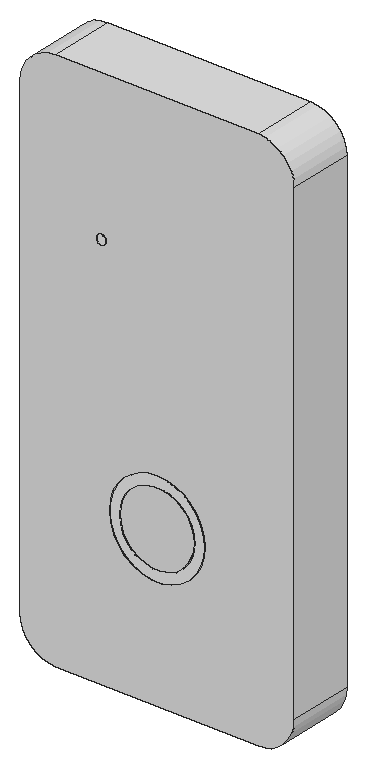
Revit family "Считыватель AGRG AXI 3_тип модель", category Охранная сигнализация, Revit 2019
Family settings
  Сохранять ориентацию аннотаций = Нет
  Размер круглого соединителя = Использовать диаметр
  Тип детали = Нормальный
  На основе рабочей плоскости = Нет
  Всегда вертикально = Да
  При загрузке вырезать с полостями = Нет
  Общий = Нет
  Точка расчета площади = Нет
Parameters (values of type "Считыватель AGRG AXI 3 «Арктический белый»")
  Стоимость = 14250
  Нанесение на считыватель узора, текстуры или логотипа заказчика [instance] = no
  Нанесение на считыватель узора из галереи сайта AGRG [instance] = no
  Материал = Пластмасса, непрозрачная, белая
  УГО_Наличие [instance] = no
  Отступ по X [instance] = УГО_Отступ по X * 10 + 4000 mm  # 4010 mm
  УГО_Отступ по X [instance] = 1 mm
  Отступ по Y [instance] = УГО_Отступ по Y * 10 + 4000 mm  # 4300 mm
  УГО_Отступ по Y [instance] = 30 mm
  Описание = "ITV"  # constant formula
  Корпус из массива дерева (из галереи AGRG) [instance] = no
  Изображение типоразмера = RC.png
  Выбор цвета корпуса (акрил) из галереи AGRG [instance] = no
  Вертикально [instance] = yes
  URL = "https://skud.agrg.ru/readers/axi-3"
  LT = "InformationFamily"  # constant formula
  ITV_SUB_УГО на структурной схеме = "УГО_Считыватель"  # constant formula
  ADSK_Ток тревожного режима [instance] = 0.05 A
  ADSK_Ток дежурного режима [instance] = 0.05 A
  ADSK_Принадлежность к разделу [instance] = ""
  ADSK_Примечание [instance] = ""
  ADSK_Полная мощность [instance] = ADSK_Номинальная мощность / ADSK_Коэффициент мощности  # 0 VA
  ADSK_Позиция [instance] = ""
  ADSK_Обозначение = "RC"  # constant formula
  ADSK_Номинальная мощность [instance] = 0 W
  ADSK_Номер устройства [instance] = ""
  ADSK_Номер точки доступа [instance] = ""
  ADSK_Номер контроллера [instance] = ""
  ADSK_Нижний порог напряжения = 9 V
  ADSK_Напряжение [instance] = 12 V  # constant formula
  ADSK_Наименование краткое = "Считыватель бесконтактных карт"
  ADSK_Наименование = "Считыватель для СКУД AGRG AXI 3. Совместим с БОЛИД. \"Арктический белый\""
  ADSK_Масса = 0.06  # constant formula
  ADSK_Марка = "AGRG AXI"  # constant formula
  ADSK_Коэффициент мощности [instance] = 1
  ADSK_Количество фаз [instance] = 1
  ADSK_Количество = 1  # constant formula
  ADSK_Код изделия = "AXI3AW"
  ADSK_Классификация нагрузок [instance] = Прочее
  ADSK_Имя источника питания [instance] = ""
  ADSK_Завод-изготовитель = "ООО «Агрегатор»"  # constant formula
  ADSK_Единица измерения = "шт."  # constant formula
  ADSK_Группирование = "1. Оборудование"  # constant formula
  ADSK_Верхний порог напряжения = 15 V
  ADSK_Версия семейства = ""
Types (3, lengths in mm): name | Материал | ADSK_Наименование | ADSK_Код изделия
  Считыватель AGRG AXI 3 «Арктический белый» | Пластмасса, непрозрачная, белая | "Считыватель для СКУД AGRG AXI 3. Совместим с БОЛИД. \"Арктический белый\"" | "AXI3AW"
  Считыватель AGRG AXI 3 «Люксовый Мандарин» | Пластмасса, непрозрачная, оранжевая | "Считыватель для СКУД AGRG AXI 3. Совместим с БОЛИД. \"Люксовый мандарин\"" | "AXI3LM"
  Считыватель AGRG AXI 3 «Имперский черный» | Пластмасса, непрозрачная, черная | "Считыватель для СКУД AGRG AXI 3. Совместим с БОЛИД. \"Имперский черный\"" | "AXI3IBL"
Reference planes
  plane 1 "По центру (Вперед/Назад)": y = 0
  plane 2: z = 0
  plane 3 "По центру (Влево/Вправо)": x = 0
  plane 4: x = -4000
  plane 5: y = 4000
Forms (mm)
  Extrusion 1, solid, not visible
    sketch origin (0, -88.457, 0) x (1, 0, 0) y (0, 1, 0)
      loop
        line (42.426, 79.151) -> (42.426, 97.763) -> (-42.426, 97.763) -> (-42.426, 79.151) -> (42.426, 79.151)
    from 0 to -50
Lines and regions (mm)
  reference lines
    curve 1: line (10, -297, 0) -> (10, -303, 0)
    curve 2: line (8, -300, 0) -> (12, -300, 0)
Dimensions and locks
  "Отступ по X": plane 4 to curve 1
  "Отступ по Y": curve 2 to plane 5
  aligned and locked: level to plane 2
  aligned and locked: curve 1 to nested 1
  aligned and locked: nested 1 to curve 1  (x2)
  aligned and locked: nested 1 to curve 2  (x3)
Automatic sketch dimensions
  plane 1 "По центру (Вперед/Назад)" to Extrusion 1 sketch curve = 9.306 mm
  Extrusion 1 sketch curve to plane 3 "По центру (Влево/Вправо)" = 42.426 mm
  Extrusion 1 sketch curve to plane 1 "По центру (Вперед/Назад)" = 9.306 mm
  plane 3 "По центру (Влево/Вправо)" to Extrusion 1 sketch curve = 42.426 mm
  curve 2 to curve 1 = 2 mm
  curve 1 to curve 2 = 2 mm
  curve 1 to curve 2 = 3 mm
  curve 2 to curve 1 = 3 mm
Nested families
  nested 1: "УГО_Считыватель_для модели_типовая аннотация" at (10, -300, 0), visible <- "УГО_Наличие", type "УГО_Считыватель_для модели_типовая аннотация", detail levels coarse+medium
    with Считыватель с клавиатурой no, Считыватель климатический no
  nested 2: "AGRG AXI 3_на грани" at (0, 0, -46) x (1, 0, 0) z (0, -1, 0), Материал <- "Материал", type "AGRG AXI 3_на грани", detail levels fine
    with Материал Пластмасса, непрозрачная, белая
  nested 3: "AGRG AXI 3_на грани" at (0, 46, 0), Материал <- "Материал", type "AGRG AXI 3_на грани", not visible, detail levels fine
    with Материал Пластмасса, непрозрачная, белая
  nested 4: "AXI CUSTOM_тип модель" at (-2, -1, -6), visible <- "Корпус из массива дерева (из галереи AGRG)", ADSK_Группирование <- "ADSK_Группирование", ADSK_Принадлежность к разделу <- "ADSK_Принадлежность к разделу", type "Корпус из массива дерева (из галереи AGRG)"
    with ADSK_Принадлежность к разделу "", ADSK_Группирование "1. Оборудование"
  nested 5: "AXI CUSTOM_тип модель" at (-6.012, -1, -6), visible <- "Выбор цвета корпуса (акрил) из галереи AGRG", ADSK_Группирование <- "ADSK_Группирование", ADSK_Принадлежность к разделу <- "ADSK_Принадлежность к разделу", type "Выбор цвета корпуса (акрил) из галереи AGRG"
    with ADSK_Принадлежность к разделу "", ADSK_Группирование "1. Оборудование"
  nested 6: "AXI CUSTOM_тип модель" at (2, -1, -6) x (-1, 0, 0) z (0, 0, 1), visible <- "Нанесение на считыватель узора из галереи сайта AGRG", ADSK_Группирование <- "ADSK_Группирование", ADSK_Принадлежность к разделу <- "ADSK_Принадлежность к разделу", type "Нанесение на считыватель узора из галереи сайта AGRG"
    with ADSK_Принадлежность к разделу "", ADSK_Группирование "1. Оборудование"
  nested 7: "AXI CUSTOM_тип модель" at (6.012, -1, -6) x (-1, 0, 0) z (0, 0, 1), visible <- "Нанесение на считыватель узора, текстуры или логотипа заказчика", ADSK_Группирование <- "ADSK_Группирование", ADSK_Принадлежность к разделу <- "ADSK_Принадлежность к разделу", type "Нанесение на считыватель узора, текстуры или логотипа заказчика"
    with ADSK_Принадлежность к разделу "", ADSK_Группирование "1. Оборудование"
Connectors
  electrical at (0, 0, 0), driven by "ADSK_Количество фаз", driven by "ADSK_Классификация нагрузок", driven by "ADSK_Напряжение", driven by "ADSK_Полная мощность", driven by "ADSK_Коэффициент мощности"
    settings: on Extrusion 1, index 2, voltage 12 V, apparent load 0 VA, apparent load phase1 0 VA, apparent load phase2 0 VA, apparent load phase3 0 VA, power factor 1, load classification "Прочее", number of poles 1, system type 10, power factor state 1, is connector primary yes, connector utility no, sub classification motor no, connector description ""
  electrical at (0, 0, 0), driven by "ADSK_Коэффициент мощности", driven by "ADSK_Полная мощность", driven by "ADSK_Напряжение", driven by "ADSK_Классификация нагрузок", driven by "ADSK_Количество фаз"
    settings: on Extrusion 1, index 3, voltage 12 V, apparent load 0 VA, apparent load phase1 0 VA, apparent load phase2 0 VA, apparent load phase3 0 VA, power factor 1, load classification "Прочее", number of poles 1, system type 30, power factor state 1, is connector primary no, connector utility no, sub classification motor no, connector description ""
Definition of nested family "AGRG AXI 3_на грани"
  Parameters (values of type "AGRG AXI 3_на грани")
    Default Elevation = 1219.2 mm
    Материал [instance] = none
  Reference planes
    plane 1 "По центру (Вперед/Назад)": y = 0
    plane 2: z = 0
    plane 3 "По центру (Влево/Вправо)": x = 0
    plane 4: x = -23
    plane 5: y = 46
    plane 6: x = 23
    plane 7: y = -46
  Forms (mm)
    Extrusion 1, solid
      sketch origin (0, 0, 0) x (1, 0, 0) y (0, 1, 0)
        loop
          line (-1219.2, 1219.2) -> (-1219.2, -1219.2) -> (1219.2, -1219.2) -> (1219.2, 1219.2) -> (-1219.2, 1219.2)
      from 0 to -304.8
    Extrusion 2, solid, material <- "Материал"
      sketch origin (0, 0, 0) x (1, 0, 0) y (0, 1, 0)
        loop
          line (-23, 40) -> (-23, -40.026)
          arc (-23, -40.026) -> (-21.25, -44.25) -> (-17.026, -46) r 5.974
          line (-17.026, -46) -> (17, -46)
          arc (17, -46) -> (21.243, -44.243) -> (23, -40) r 6
          line (23, -40) -> (23, 40)
          arc (23, 40) -> (21.243, 44.243) -> (17, 46) r 6
          line (17, 46) -> (-17, 46)
          arc (-17, 46) -> (-21.243, 44.243) -> (-23, 40) r 6
      from 0 to 11
    Extrusion 3, void
      sketch origin (0, -6.921, 0) x (1, 0, 0) y (0, 1, 0)
        loop
          circle (-9.343, 27.812) r 0.8
      from 10 to 11
    Extrusion 4, void
      sketch origin (0, 0, 0) x (1, 0, 0) y (0, 0, 1)
        loop
          circle (0, 3.5) r 1.683
      from 45 to 46
    Extrusion 5, solid
      sketch origin (0, -6.921, 0) x (1, 0, 0) y (0, 1, 0)
        loop
          circle (-9.343, 27.812) r 0.8
      from 10 to 11
    Extrusion 6, solid
      sketch origin (0, 0, 0) x (1, 0, 0) y (0, 1, 0)
        loop
          circle (0, -19.316) r 7.984
        loop
          circle (0, -19.316) r 6.284
      from 10 to 11
    Extrusion 7, void
      sketch origin (0, 0, 0) x (1, 0, 0) y (0, 1, 0)
        loop
          circle (0, -19.316) r 7.984
        loop
          circle (0, -19.316) r 6.284
      from 10 to 11
  Cuts and joins
    Extrusion 3, Extrusion 4, Extrusion 7 cuts Extrusion 2
  Dimensions and locks
    equal spacing: plane 4, plane 3 "По центру (Влево/Вправо)", plane 6
    Extrusion 4 sketch curve to Extrusion 1 = 3.5 mm
    equal spacing: plane 7, plane 1 "По центру (Вперед/Назад)", plane 5
    plane 5 to plane 7 = 92 mm
    plane 4 to plane 6 = 46 mm
    aligned and locked: plane 2 to Extrusion 1
    aligned and locked: level to Extrusion 1
  Automatic sketch dimensions
    Extrusion 1 sketch curve to Extrusion 1 sketch curve = 2438.4 mm  (x2)
    plane 7 to Extrusion 2 sketch curve = 0 mm
    Extrusion 2 sketch curve to plane 5 = 0 mm
    plane 4 to Extrusion 2 sketch curve = 0 mm
    Extrusion 2 sketch curve to plane 7 = 5.974 mm
    Extrusion 2 sketch curve to plane 5 = 6 mm
    plane 6 to Extrusion 2 sketch curve = 6 mm  (x2)
    plane 6 to Extrusion 2 sketch curve = 0 mm
    Extrusion 3 sketch curve to plane 3 "По центру (Влево/Вправо)" = 9.343 mm
    Extrusion 3 sketch curve to plane 5 = 25.11 mm
    Extrusion 4 sketch curve to plane 3 "По центру (Влево/Вправо)" = 0 mm
    Extrusion 5 sketch curve to Extrusion 5 sketch curve = 0 mm  (x2)
    Extrusion 5 sketch curve to plane 3 "По центру (Влево/Вправо)" = 9.343 mm
    Extrusion 5 sketch curve to plane 5 = 25.11 mm
    Extrusion 5 sketch curve to Extrusion 5 sketch curve = 0.8 mm
    Extrusion 6 sketch curve to plane 3 "По центру (Влево/Вправо)" = 0 mm
    plane 1 "По центру (Вперед/Назад)" to Extrusion 6 sketch curve = 19.316 mm
    Extrusion 7 sketch curve to Extrusion 7 sketch curve = 0 mm  (x2)
    Extrusion 7 sketch curve to plane 3 "По центру (Влево/Вправо)" = 0 mm
    plane 1 "По центру (Вперед/Назад)" to Extrusion 7 sketch curve = 19.316 mm
    radius of Extrusion 3 sketch curve = 0.8 mm
    radius of Extrusion 4 sketch curve = 1.683 mm
    radius of Extrusion 6 sketch curve = 7.984 mm
    radius of Extrusion 7 sketch curve = 7.984 mm
    radius of Extrusion 7 sketch curve = 6.284 mm
Definition of nested family "AXI CUSTOM_тип модель"
  Parameters (values of type "Корпус из массива дерева (из галереи AGRG)")
    Description = "ITV"  # constant formula
    ADSK_Принадлежность к разделу [instance] = ""
    ADSK_Наименование = "Корпус из массива дерева (из галереи AGRG)"
    ADSK_Масса = 0
    ADSK_Марка = "AGRG AXI CUSTOM"
    ADSK_Количество = 1
    ADSK_Код изделия = "AXICSTWBX"
    ADSK_Завод-изготовитель = "ООО «Агрегатор»"  # constant formula
    ADSK_Единица измерения = "шт."  # constant formula
    ADSK_Группирование [instance] = ""
  Types (5, lengths in mm): name | ADSK_Наименование | ADSK_Код изделия
    (no name) | "Корпус из массива дерева (из галереи AGRG)" | "AXICSTWBX"
    Нанесение на считыватель узора из галереи сайта AGRG | "Нанесение на считыватель узора из галереи сайта AGRG" | "AXIAGRGPTN"
    Нанесение на считыватель узора, текстуры или логотипа заказчика | "Нанесение на считыватель узора, текстуры или логотипа заказчика" | "AXICSTPTN"
    Выбор цвета корпуса (акрил) из галереи AGRG | "Выбор цвета корпуса (акрил) из галереи AGRG" | "AXICSTBX"
    Корпус из массива дерева (из галереи AGRG) | "Корпус из массива дерева (из галереи AGRG)" | "AXICSTWBX"
  Reference planes
    plane 1 "По центру (Вперед/Назад)": y = 0
    plane 2: z = 0
    plane 3 "По центру (Влево/Вправо)": x = 0
  Forms (mm)
    Extrusion 1, solid, detail levels fine
      sketch origin (0, 0, 0) x (1, 0, 0) y (0, 1, 0)
        loop
          line (-1, 1) -> (-1, -1) -> (1, -1) -> (1, 1) -> (-1, 1)
      from 0 to 2
  Dimensions and locks
    Extrusion 1 sketch curve to plane 3 "По центру (Влево/Вправо)" to Extrusion 1 sketch curve = 1 mm, 1 mm
    Extrusion 1 sketch curve to plane 1 "По центру (Вперед/Назад)" to Extrusion 1 sketch curve = 1 mm, 1 mm
    aligned and locked: level to plane 2
Definition of nested family "УГО_Считыватель_для модели_типовая аннотация"
  Parameters (values of type "УГО_Считыватель_для модели_типовая аннотация")
    Считыватель с клавиатурой [instance] = yes
    Считыватель климатический [instance] = yes
  Reference planes
    plane 1: y = 0
    plane 2: x = 0
  Lines and regions (mm)
    Masking region 1
      outline origin (-2.81, 1, 0) x (0, -1, 0) y (1, 0, 0)
        loop
          line (-2, 0.81) -> (4, 0.81) -> (4, 4.81) -> (-2, 4.81) -> (-2, 0.81)
    Masking region 2, not visible
      outline origin (-2.81, 1, 0) x (0, -1, 0) y (1, 0, 0)
        loop
          line (-16.952, 19.039) -> (-10.952, 19.039) -> (-10.952, 23.039) -> (-16.952, 23.039) -> (-16.952, 19.039)
    Filled region 1, type "Цветовая область 1", visible <- "Считыватель с клавиатурой"
      outline origin (0, 0, 0) x (1, 0, 0) y (0, 1, 0)
        loop
          line (-1.5, 2.5) -> (-1.5, -2.5) -> (1.5, -2.5) -> (1.5, 2.5) -> (-1.5, 2.5)
    Filled region 2, type "Цветовая область 1", visible <- "Считыватель с клавиатурой", not visible
      outline origin (0, 0, 0) x (1, 0, 0) y (0, 1, 0)
        loop
          line (16.729, 17.452) -> (16.729, 12.452) -> (19.729, 12.452) -> (19.729, 17.452) -> (16.729, 17.452)
    detail lines
      curve 1: line (-2, -3, 0) -> (-2, 3, 0)
      curve 2: line (-2, 3, 0) -> (2, 3, 0)
      curve 3: line (0, 3, 0) -> (-2, 3, 0)
      curve 4: line (-2, 3, 0) -> (-2, -3, 0)
      curve 5: line (2, 3, 0) -> (2, -3, 0)
      curve 6: line (2, -3, 0) -> (-2, -3, 0)
      curve 7: line (-2, -3, 0) -> (-2, 3, 0)
      curve 8: line (-2, 3, 0) -> (2, 3, 0)
      curve 21: circle (0, 0, 0) r 0.05 normal (0, 0, 1)
      curve 23: line (-1.5, 2.5, 0) -> (1.5, 2.5, 0)
      curve 24: line (1.5, 2.5, 0) -> (1.5, -2.5, 0)
      curve 25: line (-1.5, -2.5, 0) -> (1.5, -2.5, 0)
      curve 26: line (-1.5, 2.5, 0) -> (-1.5, -2.5, 0)
    detail lines, not visible
      curve 9: line (-2, 0, 0) -> (2, 0, 0)
      curve 10: line (0, 3, 0) -> (0, -3, 0)
      curve 11: line (16.229, 11.952, 0) -> (16.229, 17.952, 0)
      curve 12: line (16.229, 17.952, 0) -> (20.229, 17.952, 0)
      curve 13: line (18.229, 17.952, 0) -> (16.229, 17.952, 0)
      curve 14: line (16.229, 17.952, 0) -> (16.229, 11.952, 0)
      curve 15: line (20.229, 17.952, 0) -> (20.229, 11.952, 0)
      curve 16: line (20.229, 11.952, 0) -> (16.229, 11.952, 0)
      curve 17: line (16.229, 11.952, 0) -> (16.229, 17.952, 0)
      curve 18: line (16.229, 17.952, 0) -> (20.229, 17.952, 0)
      curve 19: line (16.229, 14.952, 0) -> (20.229, 14.952, 0)
      curve 20: line (18.229, 17.952, 0) -> (18.229, 11.952, 0)
      curve 22: circle (18.229, 14.952, 0) r 0.05 normal (0, 0, 1)
      curve 27: line (16.729, 17.452, 0) -> (19.729, 17.452, 0)
      curve 28: line (19.729, 17.452, 0) -> (19.729, 12.452, 0)
      curve 29: line (16.729, 12.452, 0) -> (19.729, 12.452, 0)
      curve 30: line (16.729, 17.452, 0) -> (16.729, 12.452, 0)
    detail lines, visible <- "Считыватель климатический"
      curve 31: line (-1.032, 1.721, 0) -> (0, 0, 0)
      curve 32: line (1.032, -1.721, 0) -> (0, 0, 0)
      curve 33: line (1.032, 1.721, 0) -> (0, 0, 0)
      curve 34: line (-1.032, -1.721, 0) -> (0, 0, 0)
    detail lines, visible <- "Считыватель климатический", not visible
      curve 35: line (17.196, 16.672, 0) -> (18.229, 14.952, 0)
      curve 36: line (19.261, 13.231, 0) -> (18.229, 14.952, 0)
      curve 37: line (19.261, 16.672, 0) -> (18.229, 14.952, 0)
      curve 38: line (17.196, 13.231, 0) -> (18.229, 14.952, 0)
